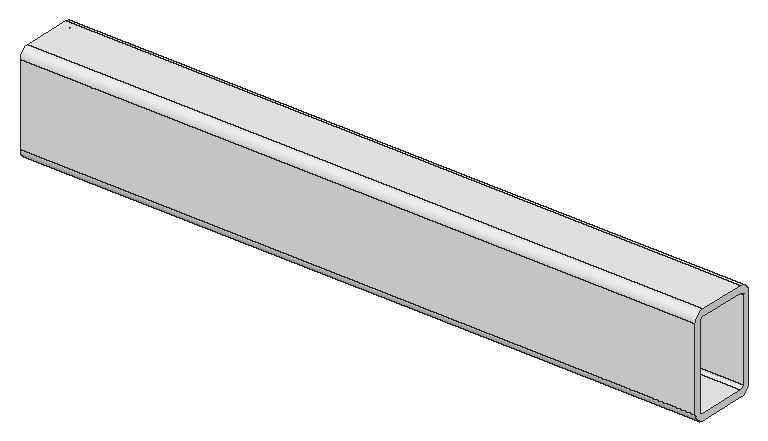
Revit family "CRV - Cortes retangulares vazados (sem emenda)", category Quadro estrutural, Revit 2019
Family settings
  Arredondamento do comprimento do framing estrutural = 1 mm
  Forma do corte = Não definido
  Material para o comportamento do modelo = Aço
  Exportar sempre como geometria = Não
  Sempre na vertical = Sim
  Corte com vazios quando carregada = Não
  Representação simbólica = Das configurações de projeto
  Compartilhado = Não
  Exibir o pré-corte da família na vista da planta = Sim
Parameters (values of type "RHS 180x120x11.1")
  ro = 16.65 mm
  t = 11.1 mm
  ri = 5.55 mm
  W = 0.04829
  Structural Material [instance] = Metal - Aço - 250 MPa
  d = 180 mm
  b = 120 mm
  Assembly Code = ""
  Length [instance] = 1500 mm
  A = 0.000615 m²
Reference planes
  plane 1 "Centro (Frente/Trás)": y = 0
  plane 2: z = 0
  plane 3 "Centro (Esquerda/Direita)": x = 4.61
  plane 4 "Membro esquerdo": x = -604.99
  plane 5 "Membro direito": x = 614.21
  plane 6 "Direita": x = 766.61
  plane 7 "Esquerda": x = -733.39
  plane 8: y = 60
  plane 9: y = -60
  plane 10: z = -90
  plane 11: z = 90
Forms (mm)
  Sweep 1, solid, material "Metal - Aço - 250 MPa" <- "Structural Material", detail levels medium
    path origin (0, 0, 0) x (1, 0, 0) y (0, 1, 0)
      loop
        line (-604.99, 0) -> (614.21, 0)
    profile "CRV - Cortes retangulares vazados - Perfil - Médio : CRV - Cortes retangulares vazados - Perfil - Médio" origin (4.61, 0, 0) x (0, 1, 0) y (0, 0, 1)
      loop
        line (-48.9, 78.9) -> (-48.9, -78.9) -> (48.9, -78.9) -> (48.9, 78.9) -> (-48.9, 78.9)
      loop
        line (-60, 90) -> (-60, -90) -> (60, -90) -> (60, 90) -> (-60, 90)
  Sweep 2, solid, material "Metal - Aço - 250 MPa" <- "Structural Material", detail levels fine
    path origin (0, 0, 0) x (1, 0, 0) y (0, 1, 0)
      loop
        line (-604.99, 0) -> (614.21, 0)
    profile "CRV - Cortes retangulares vazados - Perfil - Alto : CRV - Cortes retangulares vazados - Perfil - Alto" origin (4.61, 0, 0) x (0, 1, 0) y (0, 0, 1)
      loop
        arc (-43.35, 78.9) -> (-47.274, 77.274) -> (-48.9, 73.35) r 5.55
        line (-48.9, 73.35) -> (-48.9, -73.35)
        arc (-48.9, -73.35) -> (-47.274, -77.274) -> (-43.35, -78.9) r 5.55
        line (-43.35, -78.9) -> (43.35, -78.9)
        arc (43.35, -78.9) -> (47.274, -77.274) -> (48.9, -73.35) r 5.55
        line (48.9, -73.35) -> (48.9, 73.35)
        arc (48.9, 73.35) -> (47.274, 77.274) -> (43.35, 78.9) r 5.55
        line (43.35, 78.9) -> (-43.35, 78.9)
      loop
        arc (-43.35, 90) -> (-55.123, 85.123) -> (-60, 73.35) r 16.65
        line (-60, 73.35) -> (-60, -73.35)
        arc (-60, -73.35) -> (-55.123, -85.123) -> (-43.35, -90) r 16.65
        line (-43.35, -90) -> (43.35, -90)
        arc (43.35, -90) -> (55.123, -85.123) -> (60, -73.35) r 16.65
        line (60, -73.35) -> (60, 73.35)
        arc (60, 73.35) -> (55.123, 85.123) -> (43.35, 90) r 16.65
        line (43.35, 90) -> (-43.35, 90)
Lines and regions (mm)
  symbolic lines, style "Símbolos de vara", detail levels coarse
    curve 1: line (-733.39, -60, 90) -> (-733.39, 60, 90)
    curve 2: line (-733.39, 60, 90) -> (-733.39, 60, -90)
    curve 3: line (-733.39, -60, -90) -> (-733.39, -60, 90)
    curve 4: line (-733.39, 60, -90) -> (-733.39, -60, -90)
  symbolic lines, style "Faces ocultas", detail levels medium+fine
    curve 5: line (-604.99, 48.9, 0) -> (614.21, 48.9, 0)
    curve 6: line (-604.99, -48.9, 0) -> (614.21, -48.9, 0)
    curve 7: line (-604.99, 0, 78.9) -> (614.21, 0, 78.9)
    curve 8: line (614.21, 0, -78.9) -> (-604.99, 0, -78.9)
Dimensions and locks
  "Length": plane 7 "Esquerda" to plane 6 "Direita"
  equal spacing: plane 8, plane 1 "Centro (Frente/Trás)", plane 9
  "b": plane 8 to plane 9
  equal spacing: plane 11, plane 2, plane 10
  "d": plane 10 to plane 11
  aligned and locked: plane 1 "Centro (Frente/Trás)" to Sweep 1 sketch curve
  aligned and locked: plane 1 "Centro (Frente/Trás)" to Sweep 2 sketch curve
  aligned and locked: curve 1 to Sweep 1
  aligned and locked: curve 2 to Sweep 1
  aligned and locked: curve 3 to Sweep 1
  aligned and locked: curve 4 to Sweep 1
  aligned and locked: curve 5 to Sweep 1
  aligned and locked: curve 6 to Sweep 1
  aligned and locked: curve 7 to Sweep 1
  aligned and locked: curve 8 to Sweep 1
  aligned and locked: plane 4 "Membro esquerdo" to Sweep 1 sketch curve
  aligned and locked: plane 5 "Membro direito" to Sweep 1 sketch curve
  aligned and locked: plane 4 "Membro esquerdo" to Sweep 2 sketch curve
  aligned and locked: plane 5 "Membro direito" to Sweep 2 sketch curve
  aligned and locked: plane 4 "Membro esquerdo" to curve 5
  aligned and locked: plane 5 "Membro direito" to curve 5
  aligned and locked: plane 4 "Membro esquerdo" to curve 6
  aligned and locked: plane 5 "Membro direito" to curve 6
  aligned and locked: plane 4 "Membro esquerdo" to curve 7
  aligned and locked: plane 5 "Membro direito" to curve 7
  aligned and locked: plane 4 "Membro esquerdo" to curve 8
  aligned and locked: plane 5 "Membro direito" to curve 8
Types in the file's own list only (651): name | ro | t | ri | W | d | b | A
  RHS 60x40x3.6 | 5 mm | 4 mm | 2 mm | 0.00503 | 60 mm | 40 mm | 0.00 m²
  RHS 60x40x3.9 | 6 mm | 4 mm | 2 mm | 0.00542 | 60 mm | 40 mm | 0.00 m²
  RHS 60x40x4.4 | 7 mm | 4 mm | 2 mm | 0.00607 | 60 mm | 40 mm | 0.00 m²
  RHS 60x40x4.8 | 7 mm | 5 mm | 2 mm | 0.00657 | 60 mm | 40 mm | 0.00 m²
  RHS 60x40x5.2 | 8 mm | 5 mm | 3 mm | 0.00707 | 60 mm | 40 mm | 0.00 m²
  RHS 60x40x5.6 | 8 mm | 6 mm | 3 mm | 0.00755 | 60 mm | 40 mm | 0.00 m²
  RHS 60x40x6.4 | 10 mm | 6 mm | 3 mm | 0.00851 | 60 mm | 40 mm | 0.00 m²
  RHS 60x40x7.1 | 11 mm | 7 mm | 4 mm | 0.00931 | 60 mm | 40 mm | 0.00 m²
  RHS 60x50x3.6 | 5 mm | 4 mm | 2 mm | 0.00532 | 60 mm | 50 mm | 0.00 m²
  RHS 60x50x3.9 | 6 mm | 4 mm | 2 mm | 0.00573 | 60 mm | 50 mm | 0.00 m²
  RHS 60x50x4.4 | 7 mm | 4 mm | 2 mm | 0.00641 | 60 mm | 50 mm | 0.00 m²
  RHS 60x50x4.8 | 7 mm | 5 mm | 2 mm | 0.00695 | 60 mm | 50 mm | 0.00 m²
  RHS 60x50x5.2 | 8 mm | 5 mm | 3 mm | 0.00748 | 60 mm | 50 mm | 0.00 m²
  RHS 60x50x5.6 | 8 mm | 6 mm | 3 mm | 0.008 | 60 mm | 50 mm | 0.00 m²
  RHS 60x50x6.4 | 10 mm | 6 mm | 3 mm | 0.00901 | 60 mm | 50 mm | 0.00 m²
  RHS 60x50x7.1 | 11 mm | 7 mm | 4 mm | 0.00988 | 60 mm | 50 mm | 0.00 m²
  RHS 70x40x3.6 | 5 mm | 4 mm | 2 mm | 0.00532 | 70 mm | 40 mm | 0.00 m²
  RHS 70x40x3.9 | 6 mm | 4 mm | 2 mm | 0.00573 | 70 mm | 40 mm | 0.00 m²
  RHS 70x40x4.4 | 7 mm | 4 mm | 2 mm | 0.00641 | 70 mm | 40 mm | 0.00 m²
  RHS 70x40x4.8 | 7 mm | 5 mm | 2 mm | 0.00695 | 70 mm | 40 mm | 0.00 m²
  RHS 70x40x5.2 | 8 mm | 5 mm | 3 mm | 0.00748 | 70 mm | 40 mm | 0.00 m²
  RHS 70x40x5.6 | 8 mm | 6 mm | 3 mm | 0.008 | 70 mm | 40 mm | 0.00 m²
  RHS 70x40x6.4 | 10 mm | 6 mm | 3 mm | 0.00901 | 70 mm | 40 mm | 0.00 m²
  RHS 70x40x7.1 | 11 mm | 7 mm | 4 mm | 0.00988 | 70 mm | 40 mm | 0.00 m²
  RHS 70x50x3.6 | 5 mm | 4 mm | 2 mm | 0.00616 | 70 mm | 50 mm | 0.00 m²
  RHS 70x50x3.9 | 6 mm | 4 mm | 2 mm | 0.00665 | 70 mm | 50 mm | 0.00 m²
  RHS 70x50x4.4 | 7 mm | 4 mm | 2 mm | 0.00744 | 70 mm | 50 mm | 0.00 m²
  RHS 70x50x4.8 | 7 mm | 5 mm | 2 mm | 0.00807 | 70 mm | 50 mm | 0.00 m²
  RHS 70x50x5.2 | 8 mm | 5 mm | 3 mm | 0.00869 | 70 mm | 50 mm | 0.00 m²
  RHS 70x50x5.6 | 8 mm | 6 mm | 3 mm | 0.00931 | 70 mm | 50 mm | 0.00 m²
  RHS 70x50x6.4 | 10 mm | 6 mm | 3 mm | 0.01051 | 70 mm | 50 mm | 0.00 m²
  RHS 70x50x7.1 | 11 mm | 7 mm | 4 mm | 0.01154 | 70 mm | 50 mm | 0.00 m²
  RHS 70x60x3.6 | 5 mm | 4 mm | 2 mm | 0.00643 | 70 mm | 60 mm | 0.00 m²
  RHS 70x60x3.9 | 6 mm | 4 mm | 2 mm | 0.00693 | 70 mm | 60 mm | 0.00 m²
  RHS 70x60x4.4 | 7 mm | 4 mm | 2 mm | 0.00777 | 70 mm | 60 mm | 0.00 m²
  RHS 70x60x4.8 | 7 mm | 5 mm | 2 mm | 0.00843 | 70 mm | 60 mm | 0.00 m²
  RHS 70x60x5.2 | 8 mm | 5 mm | 3 mm | 0.00908 | 70 mm | 60 mm | 0.00 m²
  RHS 70x60x5.6 | 8 mm | 6 mm | 3 mm | 0.00972 | 70 mm | 60 mm | 0.00 m²
  RHS 70x60x6.4 | 10 mm | 6 mm | 3 mm | 0.01098 | 70 mm | 60 mm | 0.00 m²
  RHS 70x60x7.1 | 11 mm | 7 mm | 4 mm | 0.01206 | 70 mm | 60 mm | 0.00 m²
  RHS 70x60x8.2 | 12 mm | 8 mm | 4 mm | 0.01371 | 70 mm | 60 mm | 0.00 m²
  RHS 80x40x3.6 | 5 mm | 4 mm | 2 mm | 0.00616 | 80 mm | 40 mm | 0.00 m²
  RHS 80x40x3.9 | 6 mm | 4 mm | 2 mm | 0.00665 | 80 mm | 40 mm | 0.00 m²
  RHS 80x40x4.4 | 7 mm | 4 mm | 2 mm | 0.00744 | 80 mm | 40 mm | 0.00 m²
  RHS 80x40x4.8 | 7 mm | 5 mm | 2 mm | 0.00807 | 80 mm | 40 mm | 0.00 m²
  RHS 80x40x5.2 | 8 mm | 5 mm | 3 mm | 0.00869 | 80 mm | 40 mm | 0.00 m²
  RHS 80x40x5.6 | 8 mm | 6 mm | 3 mm | 0.00931 | 80 mm | 40 mm | 0.00 m²
  RHS 80x40x6.4 | 10 mm | 6 mm | 3 mm | 0.01051 | 80 mm | 40 mm | 0.00 m²
  RHS 80x40x7.1 | 11 mm | 7 mm | 4 mm | 0.01154 | 80 mm | 40 mm | 0.00 m²
  RHS 80x40x8.2 | 12 mm | 8 mm | 4 mm | 0.0131 | 80 mm | 40 mm | 0.00 m²
  RHS 80x40x8.8 | 13 mm | 9 mm | 4 mm | 0.01393 | 80 mm | 40 mm | 0.00 m²
  RHS 80x40x9.5 | 14 mm | 10 mm | 5 mm | 0.01488 | 80 mm | 40 mm | 0.00 m²
  RHS 80x50x3.6 | 5 mm | 4 mm | 2 mm | 0.00643 | 80 mm | 50 mm | 0.00 m²
  RHS 80x50x3.9 | 6 mm | 4 mm | 2 mm | 0.00693 | 80 mm | 50 mm | 0.00 m²
  RHS 80x50x4.4 | 7 mm | 4 mm | 2 mm | 0.00777 | 80 mm | 50 mm | 0.00 m²
  RHS 80x50x4.8 | 7 mm | 5 mm | 2 mm | 0.00843 | 80 mm | 50 mm | 0.00 m²
  RHS 80x50x5.2 | 8 mm | 5 mm | 3 mm | 0.00908 | 80 mm | 50 mm | 0.00 m²
  RHS 80x50x5.6 | 8 mm | 6 mm | 3 mm | 0.00972 | 80 mm | 50 mm | 0.00 m²
  RHS 80x50x6.4 | 10 mm | 6 mm | 3 mm | 0.01098 | 80 mm | 50 mm | 0.00 m²
  RHS 80x50x7.1 | 11 mm | 7 mm | 4 mm | 0.01206 | 80 mm | 50 mm | 0.00 m²
  RHS 80x50x8.2 | 12 mm | 8 mm | 4 mm | 0.01371 | 80 mm | 50 mm | 0.00 m²
  RHS 80x50x8.8 | 13 mm | 9 mm | 4 mm | 0.01458 | 80 mm | 50 mm | 0.00 m²
  RHS 80x50x9.5 | 14 mm | 10 mm | 5 mm | 0.01558 | 80 mm | 50 mm | 0.00 m²
  RHS 90x60x3.6 | 5 mm | 4 mm | 2 mm | 0.00825 | 90 mm | 60 mm | 0.00 m²
  RHS 90x60x3.9 | 6 mm | 4 mm | 2 mm | 0.00891 | 90 mm | 60 mm | 0.00 m²
  RHS 90x60x4.4 | 7 mm | 4 mm | 2 mm | 0.00999 | 90 mm | 60 mm | 0.00 m²
  RHS 90x60x4.8 | 7 mm | 5 mm | 2 mm | 0.01085 | 90 mm | 60 mm | 0.00 m²
  RHS 90x60x5.2 | 8 mm | 5 mm | 3 mm | 0.01171 | 90 mm | 60 mm | 0.00 m²
  RHS 90x60x5.6 | 8 mm | 6 mm | 3 mm | 0.01255 | 90 mm | 60 mm | 0.00 m²
  RHS 90x60x6.4 | 10 mm | 6 mm | 3 mm | 0.01422 | 90 mm | 60 mm | 0.00 m²
  RHS 90x60x7.1 | 11 mm | 7 mm | 4 mm | 0.01565 | 90 mm | 60 mm | 0.00 m²
  RHS 90x60x8.2 | 12 mm | 8 mm | 4 mm | 0.01786 | 90 mm | 60 mm | 0.00 m²
  RHS 90x60x8.8 | 13 mm | 9 mm | 4 mm | 0.01903 | 90 mm | 60 mm | 0.00 m²
  RHS 90x60x9.5 | 14 mm | 10 mm | 5 mm | 0.02038 | 90 mm | 60 mm | 0.00 m²
  RHS 102x52x3.6 | 5 mm | 4 mm | 2 mm | 0.00825 | 102 mm | 52 mm | 0.00 m²
  RHS 102x52x3.9 | 6 mm | 4 mm | 2 mm | 0.00891 | 102 mm | 52 mm | 0.00 m²
  RHS 102x52x4.4 | 7 mm | 4 mm | 2 mm | 0.00999 | 102 mm | 52 mm | 0.00 m²
  RHS 102x52x4.8 | 7 mm | 5 mm | 2 mm | 0.01085 | 102 mm | 52 mm | 0.00 m²
  RHS 102x52x5.2 | 8 mm | 5 mm | 3 mm | 0.01171 | 102 mm | 52 mm | 0.00 m²
  RHS 102x52x5.6 | 8 mm | 6 mm | 3 mm | 0.01255 | 102 mm | 52 mm | 0.00 m²
  RHS 102x52x6.4 | 10 mm | 6 mm | 3 mm | 0.01422 | 102 mm | 52 mm | 0.00 m²
  RHS 102x52x7.1 | 11 mm | 7 mm | 4 mm | 0.01565 | 102 mm | 52 mm | 0.00 m²
  RHS 102x52x8.2 | 12 mm | 8 mm | 4 mm | 0.01786 | 102 mm | 52 mm | 0.00 m²
  RHS 102x52x8.8 | 13 mm | 9 mm | 4 mm | 0.01903 | 102 mm | 52 mm | 0.00 m²
  RHS 102x52x9.5 | 14 mm | 10 mm | 5 mm | 0.02038 | 102 mm | 52 mm | 0.00 m²
  RHS 100x70x3.9 | 6 mm | 4 mm | 2 mm | 0.01001 | 100 mm | 70 mm | 0.00 m²
  RHS 100x70x4.4 | 7 mm | 4 mm | 2 mm | 0.01124 | 100 mm | 70 mm | 0.00 m²
  RHS 100x70x4.8 | 7 mm | 5 mm | 2 mm | 0.01222 | 100 mm | 70 mm | 0.00 m²
  RHS 100x70x5.2 | 8 mm | 5 mm | 3 mm | 0.01318 | 100 mm | 70 mm | 0.00 m²
  RHS 100x70x5.6 | 8 mm | 6 mm | 3 mm | 0.01414 | 100 mm | 70 mm | 0.00 m²
  RHS 100x70x6.4 | 10 mm | 6 mm | 3 mm | 0.01604 | 100 mm | 70 mm | 0.00 m²
  RHS 100x70x7.1 | 11 mm | 7 mm | 4 mm | 0.01767 | 100 mm | 70 mm | 0.00 m²
  RHS 100x70x8.2 | 12 mm | 8 mm | 4 mm | 0.02018 | 100 mm | 70 mm | 0.00 m²
  RHS 100x70x8.8 | 13 mm | 9 mm | 4 mm | 0.02153 | 100 mm | 70 mm | 0.00 m²
  RHS 100x70x9.5 | 14 mm | 10 mm | 5 mm | 0.02308 | 100 mm | 70 mm | 0.00 m²
  RHS 100x80x3.9 | 6 mm | 4 mm | 2 mm | 0.01001 | 100 mm | 80 mm | 0.00 m²
  RHS 100x80x4.4 | 7 mm | 4 mm | 2 mm | 0.01124 | 100 mm | 80 mm | 0.00 m²
  RHS 100x80x4.8 | 7 mm | 5 mm | 2 mm | 0.01222 | 100 mm | 80 mm | 0.00 m²
  RHS 100x80x5.2 | 8 mm | 5 mm | 3 mm | 0.01318 | 100 mm | 80 mm | 0.00 m²
  RHS 100x80x5.6 | 8 mm | 6 mm | 3 mm | 0.01414 | 100 mm | 80 mm | 0.00 m²
  RHS 100x80x6.4 | 10 mm | 6 mm | 3 mm | 0.01604 | 100 mm | 80 mm | 0.00 m²
  RHS 100x80x7.1 | 11 mm | 7 mm | 4 mm | 0.01767 | 100 mm | 80 mm | 0.00 m²
  RHS 100x80x8.2 | 12 mm | 8 mm | 4 mm | 0.02018 | 100 mm | 80 mm | 0.00 m²
  RHS 100x80x8.8 | 13 mm | 9 mm | 4 mm | 0.02153 | 100 mm | 80 mm | 0.00 m²
  RHS 100x80x9.5 | 14 mm | 10 mm | 5 mm | 0.02308 | 100 mm | 80 mm | 0.00 m²
  RHS 100x80x10.3 | 15 mm | 10 mm | 5 mm | 0.02482 | 100 mm | 80 mm | 0.00 m²
  RHS 100x80x11.1 | 17 mm | 11 mm | 6 mm | 0.02653 | 100 mm | 80 mm | 0.00 m²
  RHS 110x60x3.9 | 6 mm | 4 mm | 2 mm | 0.0094 | 110 mm | 60 mm | 0.00 m²
  RHS 110x60x4.4 | 7 mm | 4 mm | 2 mm | 0.01055 | 110 mm | 60 mm | 0.00 m²
  RHS 110x60x4.8 | 7 mm | 5 mm | 2 mm | 0.01146 | 110 mm | 60 mm | 0.00 m²
  RHS 110x60x5.2 | 8 mm | 5 mm | 3 mm | 0.01236 | 110 mm | 60 mm | 0.00 m²
  RHS 110x60x5.6 | 8 mm | 6 mm | 3 mm | 0.01326 | 110 mm | 60 mm | 0.00 m²
  RHS 110x60x6.4 | 10 mm | 6 mm | 3 mm | 0.01503 | 110 mm | 60 mm | 0.00 m²
  RHS 110x60x7.1 | 11 mm | 7 mm | 4 mm | 0.01655 | 110 mm | 60 mm | 0.00 m²
  RHS 110x60x8.2 | 12 mm | 8 mm | 4 mm | 0.01889 | 110 mm | 60 mm | 0.00 m²
  RHS 110x60x8.8 | 13 mm | 9 mm | 4 mm | 0.02014 | 110 mm | 60 mm | 0.00 m²
  RHS 110x60x9.5 | 14 mm | 10 mm | 5 mm | 0.02158 | 110 mm | 60 mm | 0.00 m²
  RHS 110x60x10.3 | 15 mm | 10 mm | 5 mm | 0.02319 | 110 mm | 60 mm | 0.00 m²
  RHS 110x60x11.1 | 17 mm | 11 mm | 6 mm | 0.02477 | 110 mm | 60 mm | 0.00 m²
  RHS 110x70x3.9 | 6 mm | 4 mm | 2 mm | 0.01001 | 110 mm | 70 mm | 0.00 m²
  RHS 110x70x4.4 | 7 mm | 4 mm | 2 mm | 0.01124 | 110 mm | 70 mm | 0.00 m²
  RHS 110x70x4.8 | 7 mm | 5 mm | 2 mm | 0.01222 | 110 mm | 70 mm | 0.00 m²
  RHS 110x70x5.2 | 8 mm | 5 mm | 3 mm | 0.01318 | 110 mm | 70 mm | 0.00 m²
  RHS 110x70x5.6 | 8 mm | 6 mm | 3 mm | 0.01414 | 110 mm | 70 mm | 0.00 m²
  RHS 110x70x6.4 | 10 mm | 6 mm | 3 mm | 0.01604 | 110 mm | 70 mm | 0.00 m²
  RHS 110x70x7.1 | 11 mm | 7 mm | 4 mm | 0.01767 | 110 mm | 70 mm | 0.00 m²
  RHS 110x70x8.2 | 12 mm | 8 mm | 4 mm | 0.02018 | 110 mm | 70 mm | 0.00 m²
  RHS 110x70x8.8 | 13 mm | 9 mm | 4 mm | 0.02153 | 110 mm | 70 mm | 0.00 m²
  RHS 110x70x9.5 | 14 mm | 10 mm | 5 mm | 0.02308 | 110 mm | 70 mm | 0.00 m²
  RHS 110x70x10.3 | 15 mm | 10 mm | 5 mm | 0.02482 | 110 mm | 70 mm | 0.00 m²
  RHS 110x70x11.1 | 17 mm | 11 mm | 6 mm | 0.02653 | 110 mm | 70 mm | 0.00 m²
  RHS 110x80x4.4 | 7 mm | 4 mm | 2 mm | 0.01193 | 110 mm | 80 mm | 0.00 m²
  RHS 110x80x4.8 | 7 mm | 5 mm | 2 mm | 0.01296 | 110 mm | 80 mm | 0.00 m²
  RHS 110x80x5.2 | 8 mm | 5 mm | 3 mm | 0.01399 | 110 mm | 80 mm | 0.00 m²
  RHS 110x80x5.6 | 8 mm | 6 mm | 3 mm | 0.01501 | 110 mm | 80 mm | 0.00 m²
  RHS 110x80x6.4 | 10 mm | 6 mm | 3 mm | 0.01703 | 110 mm | 80 mm | 0.00 m²
  RHS 110x80x7.1 | 11 mm | 7 mm | 4 mm | 0.01877 | 110 mm | 80 mm | 0.00 m²
  RHS 110x80x8.2 | 12 mm | 8 mm | 4 mm | 0.02146 | 110 mm | 80 mm | 0.00 m²
  RHS 110x80x8.8 | 13 mm | 9 mm | 4 mm | 0.0229 | 110 mm | 80 mm | 0.00 m²
  RHS 110x80x9.5 | 14 mm | 10 mm | 5 mm | 0.02455 | 110 mm | 80 mm | 0.00 m²
  RHS 110x80x10.3 | 15 mm | 10 mm | 5 mm | 0.02642 | 110 mm | 80 mm | 0.00 m²
  RHS 110x80x11.1 | 17 mm | 11 mm | 6 mm | 0.02825 | 110 mm | 80 mm | 0.00 m²
  RHS 120x60x3.9 | 6 mm | 4 mm | 2 mm | 0.01001 | 120 mm | 60 mm | 0.00 m²
  RHS 120x60x4.4 | 7 mm | 4 mm | 2 mm | 0.01124 | 120 mm | 60 mm | 0.00 m²
  RHS 120x60x4.8 | 7 mm | 5 mm | 2 mm | 0.01222 | 120 mm | 60 mm | 0.00 m²
  RHS 120x60x5.2 | 8 mm | 5 mm | 3 mm | 0.01318 | 120 mm | 60 mm | 0.00 m²
  RHS 120x60x5.6 | 8 mm | 6 mm | 3 mm | 0.01414 | 120 mm | 60 mm | 0.00 m²
  RHS 120x60x6.4 | 10 mm | 6 mm | 3 mm | 0.01604 | 120 mm | 60 mm | 0.00 m²
  RHS 120x60x7.1 | 11 mm | 7 mm | 4 mm | 0.01767 | 120 mm | 60 mm | 0.00 m²
  RHS 120x60x8.2 | 12 mm | 8 mm | 4 mm | 0.02018 | 120 mm | 60 mm | 0.00 m²
  RHS 120x60x8.8 | 13 mm | 9 mm | 4 mm | 0.02153 | 120 mm | 60 mm | 0.00 m²
  RHS 120x60x9.5 | 14 mm | 10 mm | 5 mm | 0.02308 | 120 mm | 60 mm | 0.00 m²
  RHS 120x60x10.3 | 15 mm | 10 mm | 5 mm | 0.02482 | 120 mm | 60 mm | 0.00 m²
  RHS 120x60x11.1 | 17 mm | 11 mm | 6 mm | 0.02653 | 120 mm | 60 mm | 0.00 m²
  RHS 120x80x4.4 | 7 mm | 4 mm | 2 mm | 0.01265 | 120 mm | 80 mm | 0.00 m²
  RHS 120x80x4.8 | 7 mm | 5 mm | 2 mm | 0.01375 | 120 mm | 80 mm | 0.00 m²
  RHS 120x80x5.2 | 8 mm | 5 mm | 3 mm | 0.01485 | 120 mm | 80 mm | 0.00 m²
  RHS 120x80x5.6 | 8 mm | 6 mm | 3 mm | 0.01594 | 120 mm | 80 mm | 0.00 m²
  RHS 120x80x6.4 | 10 mm | 6 mm | 3 mm | 0.01809 | 120 mm | 80 mm | 0.00 m²
  RHS 120x80x7.1 | 11 mm | 7 mm | 4 mm | 0.01994 | 120 mm | 80 mm | 0.00 m²
  RHS 120x80x8.2 | 12 mm | 8 mm | 4 mm | 0.02281 | 120 mm | 80 mm | 0.00 m²
  RHS 120x80x8.8 | 13 mm | 9 mm | 4 mm | 0.02435 | 120 mm | 80 mm | 0.00 m²
  RHS 120x80x9.5 | 14 mm | 10 mm | 5 mm | 0.02612 | 120 mm | 80 mm | 0.00 m²
  RHS 120x80x10.3 | 15 mm | 10 mm | 5 mm | 0.02812 | 120 mm | 80 mm | 0.00 m²
  RHS 120x80x11.1 | 17 mm | 11 mm | 6 mm | 0.03008 | 120 mm | 80 mm | 0.00 m²
  RHS 120x80x12.7 | 19 mm | 13 mm | 6 mm | 0.03392 | 120 mm | 80 mm | 0.00 m²
  RHS 120x100x4.4 | 7 mm | 4 mm | 2 mm | 0.01395 | 120 mm | 100 mm | 0.00 m²
  RHS 120x100x4.8 | 7 mm | 5 mm | 2 mm | 0.01518 | 120 mm | 100 mm | 0.00 m²
  RHS 120x100x5.2 | 8 mm | 5 mm | 3 mm | 0.01639 | 120 mm | 100 mm | 0.00 m²
  RHS 120x100x5.6 | 8 mm | 6 mm | 3 mm | 0.01759 | 120 mm | 100 mm | 0.00 m²
  RHS 120x100x6.4 | 10 mm | 6 mm | 3 mm | 0.01998 | 120 mm | 100 mm | 0.00 m²
  RHS 120x100x7.1 | 11 mm | 7 mm | 4 mm | 0.02204 | 120 mm | 100 mm | 0.00 m²
  RHS 120x100x8.2 | 12 mm | 8 mm | 4 mm | 0.02524 | 120 mm | 100 mm | 0.00 m²
  RHS 120x100x8.8 | 13 mm | 9 mm | 4 mm | 0.02695 | 120 mm | 100 mm | 0.00 m²
  RHS 120x100x9.5 | 14 mm | 10 mm | 5 mm | 0.02893 | 120 mm | 100 mm | 0.00 m²
  RHS 120x100x10.3 | 15 mm | 10 mm | 5 mm | 0.03117 | 120 mm | 100 mm | 0.00 m²
  RHS 120x100x11.1 | 17 mm | 11 mm | 6 mm | 0.03337 | 120 mm | 100 mm | 0.00 m²
  RHS 120x100x12.7 | 19 mm | 13 mm | 6 mm | 0.03768 | 120 mm | 100 mm | 0.00 m²
  RHS 130x70x4.4 | 7 mm | 4 mm | 2 mm | 0.01265 | 130 mm | 70 mm | 0.00 m²
  RHS 130x70x4.8 | 7 mm | 5 mm | 2 mm | 0.01375 | 130 mm | 70 mm | 0.00 m²
  RHS 130x70x5.2 | 8 mm | 5 mm | 3 mm | 0.01485 | 130 mm | 70 mm | 0.00 m²
  RHS 130x70x5.6 | 8 mm | 6 mm | 3 mm | 0.01594 | 130 mm | 70 mm | 0.00 m²
  RHS 130x70x6.4 | 10 mm | 6 mm | 3 mm | 0.01809 | 130 mm | 70 mm | 0.00 m²
  RHS 130x70x7.1 | 11 mm | 7 mm | 4 mm | 0.01994 | 130 mm | 70 mm | 0.00 m²
  RHS 130x70x8.2 | 12 mm | 8 mm | 4 mm | 0.02281 | 130 mm | 70 mm | 0.00 m²
  RHS 130x70x8.8 | 13 mm | 9 mm | 4 mm | 0.02435 | 130 mm | 70 mm | 0.00 m²
  RHS 130x70x9.5 | 14 mm | 10 mm | 5 mm | 0.02612 | 130 mm | 70 mm | 0.00 m²
  RHS 130x70x10.3 | 15 mm | 10 mm | 5 mm | 0.02812 | 130 mm | 70 mm | 0.00 m²
  RHS 130x70x11.1 | 17 mm | 11 mm | 6 mm | 0.03008 | 130 mm | 70 mm | 0.00 m²
  RHS 130x70x12.7 | 19 mm | 13 mm | 6 mm | 0.03392 | 130 mm | 70 mm | 0.00 m²
  RHS 130x80x4.8 | 7 mm | 5 mm | 2 mm | 0.01447 | 130 mm | 80 mm | 0.00 m²
  RHS 130x80x5.2 | 8 mm | 5 mm | 3 mm | 0.01562 | 130 mm | 80 mm | 0.00 m²
  RHS 130x80x5.6 | 8 mm | 6 mm | 3 mm | 0.01677 | 130 mm | 80 mm | 0.00 m²
  RHS 130x80x6.4 | 10 mm | 6 mm | 3 mm | 0.01903 | 130 mm | 80 mm | 0.00 m²
  RHS 130x80x7.1 | 11 mm | 7 mm | 4 mm | 0.02099 | 130 mm | 80 mm | 0.00 m²
  RHS 130x80x8.2 | 12 mm | 8 mm | 4 mm | 0.02402 | 130 mm | 80 mm | 0.00 m²
  RHS 130x80x8.8 | 13 mm | 9 mm | 4 mm | 0.02565 | 130 mm | 80 mm | 0.00 m²
  RHS 130x80x9.5 | 14 mm | 10 mm | 5 mm | 0.02753 | 130 mm | 80 mm | 0.00 m²
  RHS 130x80x10.3 | 15 mm | 10 mm | 5 mm | 0.02964 | 130 mm | 80 mm | 0.00 m²
  RHS 130x80x11.1 | 17 mm | 11 mm | 6 mm | 0.03173 | 130 mm | 80 mm | 0.00 m²
  RHS 130x80x12.7 | 19 mm | 13 mm | 6 mm | 0.0358 | 130 mm | 80 mm | 0.00 m²
  RHS 130x100x4.8 | 7 mm | 5 mm | 2 mm | 0.01616 | 130 mm | 100 mm | 0.00 m²
  RHS 130x100x5.2 | 8 mm | 5 mm | 3 mm | 0.01745 | 130 mm | 100 mm | 0.00 m²
  RHS 130x100x5.6 | 8 mm | 6 mm | 3 mm | 0.01874 | 130 mm | 100 mm | 0.00 m²
  RHS 130x100x6.4 | 10 mm | 6 mm | 3 mm | 0.02129 | 130 mm | 100 mm | 0.00 m²
  RHS 130x100x7.1 | 11 mm | 7 mm | 4 mm | 0.0235 | 130 mm | 100 mm | 0.00 m²
  RHS 130x100x8.2 | 12 mm | 8 mm | 4 mm | 0.02692 | 130 mm | 100 mm | 0.00 m²
  RHS 130x100x8.8 | 13 mm | 9 mm | 4 mm | 0.02875 | 130 mm | 100 mm | 0.00 m²
  RHS 130x100x9.5 | 14 mm | 10 mm | 5 mm | 0.03088 | 130 mm | 100 mm | 0.00 m²
  RHS 130x100x10.3 | 15 mm | 10 mm | 5 mm | 0.03327 | 130 mm | 100 mm | 0.00 m²
  RHS 130x100x11.1 | 17 mm | 11 mm | 6 mm | 0.03564 | 130 mm | 100 mm | 0.00 m²
  RHS 130x100x12.7 | 19 mm | 13 mm | 6 mm | 0.04028 | 130 mm | 100 mm | 0.00 m²
  RHS 140x80x4.8 | 7 mm | 5 mm | 2 mm | 0.01518 | 140 mm | 80 mm | 0.00 m²
  RHS 140x80x5.2 | 8 mm | 5 mm | 3 mm | 0.01639 | 140 mm | 80 mm | 0.00 m²
  RHS 140x80x5.6 | 8 mm | 6 mm | 3 mm | 0.01759 | 140 mm | 80 mm | 0.00 m²
  RHS 140x80x6.4 | 10 mm | 6 mm | 3 mm | 0.01998 | 140 mm | 80 mm | 0.00 m²
  RHS 140x80x7.1 | 11 mm | 7 mm | 4 mm | 0.02204 | 140 mm | 80 mm | 0.00 m²
  RHS 140x80x8.2 | 12 mm | 8 mm | 4 mm | 0.02524 | 140 mm | 80 mm | 0.00 m²
  RHS 140x80x8.8 | 13 mm | 9 mm | 4 mm | 0.02695 | 140 mm | 80 mm | 0.00 m²
  RHS 140x80x9.5 | 14 mm | 10 mm | 5 mm | 0.02893 | 140 mm | 80 mm | 0.00 m²
  RHS 140x80x10.3 | 15 mm | 10 mm | 5 mm | 0.03117 | 140 mm | 80 mm | 0.00 m²
  RHS 140x80x11.1 | 17 mm | 11 mm | 6 mm | 0.03337 | 140 mm | 80 mm | 0.00 m²
  RHS 140x80x12.7 | 19 mm | 13 mm | 6 mm | 0.03768 | 140 mm | 80 mm | 0.00 m²
  RHS 140x90x4.8 | 7 mm | 5 mm | 2 mm | 0.01616 | 140 mm | 90 mm | 0.00 m²
  RHS 140x90x5.2 | 8 mm | 5 mm | 3 mm | 0.01745 | 140 mm | 90 mm | 0.00 m²
  RHS 140x90x5.6 | 8 mm | 6 mm | 3 mm | 0.01874 | 140 mm | 90 mm | 0.00 m²
  RHS 140x90x6.4 | 10 mm | 6 mm | 3 mm | 0.02129 | 140 mm | 90 mm | 0.00 m²
  RHS 140x90x7.1 | 11 mm | 7 mm | 4 mm | 0.0235 | 140 mm | 90 mm | 0.00 m²
  RHS 140x90x8.2 | 12 mm | 8 mm | 4 mm | 0.02692 | 140 mm | 90 mm | 0.00 m²
  RHS 140x90x8.8 | 13 mm | 9 mm | 4 mm | 0.02875 | 140 mm | 90 mm | 0.00 m²
  RHS 140x90x9.5 | 14 mm | 10 mm | 5 mm | 0.03088 | 140 mm | 90 mm | 0.00 m²
  RHS 140x90x10.3 | 15 mm | 10 mm | 5 mm | 0.03327 | 140 mm | 90 mm | 0.00 m²
  RHS 140x90x11.1 | 17 mm | 11 mm | 6 mm | 0.03564 | 140 mm | 90 mm | 0.00 m²
  RHS 140x90x12.7 | 19 mm | 13 mm | 6 mm | 0.04028 | 140 mm | 90 mm | 0.00 m²
  RHS 140x110x4.8 | 7 mm | 5 mm | 2 mm | 0.01754 | 140 mm | 110 mm | 0.00 m²
  RHS 140x110x5.2 | 8 mm | 5 mm | 3 mm | 0.01895 | 140 mm | 110 mm | 0.00 m²
  RHS 140x110x5.6 | 8 mm | 6 mm | 3 mm | 0.02036 | 140 mm | 110 mm | 0.00 m²
  RHS 140x110x6.4 | 10 mm | 6 mm | 3 mm | 0.02314 | 140 mm | 110 mm | 0.00 m²
  RHS 140x110x7.1 | 11 mm | 7 mm | 4 mm | 0.02555 | 140 mm | 110 mm | 0.00 m²
  RHS 140x110x8.2 | 12 mm | 8 mm | 4 mm | 0.02928 | 140 mm | 110 mm | 0.00 m²
  RHS 140x110x8.8 | 13 mm | 9 mm | 4 mm | 0.03129 | 140 mm | 110 mm | 0.00 m²
  RHS 140x110x9.5 | 14 mm | 10 mm | 5 mm | 0.03362 | 140 mm | 110 mm | 0.00 m²
  RHS 140x110x10.3 | 15 mm | 10 mm | 5 mm | 0.03625 | 140 mm | 110 mm | 0.00 m²
  RHS 140x110x11.1 | 17 mm | 11 mm | 6 mm | 0.03884 | 140 mm | 110 mm | 0.00 m²
  RHS 140x110x12.7 | 19 mm | 13 mm | 6 mm | 0.04394 | 140 mm | 110 mm | 0.00 m²
  RHS 150x80x4.8 | 7 mm | 5 mm | 2 mm | 0.01671 | 150 mm | 80 mm | 0.00 m²
  RHS 150x80x5.2 | 8 mm | 5 mm | 3 mm | 0.01806 | 150 mm | 80 mm | 0.00 m²
  RHS 150x80x5.6 | 8 mm | 6 mm | 3 mm | 0.01939 | 150 mm | 80 mm | 0.00 m²
  RHS 150x80x6.4 | 10 mm | 6 mm | 3 mm | 0.02203 | 150 mm | 80 mm | 0.00 m²
  RHS 150x80x7.1 | 11 mm | 7 mm | 4 mm | 0.02432 | 150 mm | 80 mm | 0.00 m²
  RHS 150x80x8.2 | 12 mm | 8 mm | 4 mm | 0.02787 | 150 mm | 80 mm | 0.00 m²
  RHS 150x80x8.8 | 13 mm | 9 mm | 4 mm | 0.02977 | 150 mm | 80 mm | 0.00 m²
  RHS 150x80x9.5 | 14 mm | 10 mm | 5 mm | 0.03198 | 150 mm | 80 mm | 0.00 m²
  RHS 150x80x10.3 | 15 mm | 10 mm | 5 mm | 0.03447 | 150 mm | 80 mm | 0.00 m²
  RHS 150x80x11.1 | 17 mm | 11 mm | 6 mm | 0.03693 | 150 mm | 80 mm | 0.00 m²
  RHS 150x80x12.7 | 19 mm | 13 mm | 6 mm | 0.04175 | 150 mm | 80 mm | 0.00 m²
  RHS 150x100x4.8 | 7 mm | 5 mm | 2 mm | 0.01754 | 150 mm | 100 mm | 0.00 m²
  RHS 150x100x5.2 | 8 mm | 5 mm | 3 mm | 0.01895 | 150 mm | 100 mm | 0.00 m²
  RHS 150x100x5.6 | 8 mm | 6 mm | 3 mm | 0.02036 | 150 mm | 100 mm | 0.00 m²
  RHS 150x100x6.4 | 10 mm | 6 mm | 3 mm | 0.02314 | 150 mm | 100 mm | 0.00 m²
  RHS 150x100x7.1 | 11 mm | 7 mm | 4 mm | 0.02555 | 150 mm | 100 mm | 0.00 m²
  RHS 150x100x8.2 | 12 mm | 8 mm | 4 mm | 0.02928 | 150 mm | 100 mm | 0.00 m²
  RHS 150x100x8.8 | 13 mm | 9 mm | 4 mm | 0.03129 | 150 mm | 100 mm | 0.00 m²
  RHS 150x100x9.5 | 14 mm | 10 mm | 5 mm | 0.03362 | 150 mm | 100 mm | 0.00 m²
  RHS 150x100x10.3 | 15 mm | 10 mm | 5 mm | 0.03625 | 150 mm | 100 mm | 0.00 m²
  RHS 150x100x11.1 | 17 mm | 11 mm | 6 mm | 0.03884 | 150 mm | 100 mm | 0.00 m²
  RHS 150x100x12.7 | 19 mm | 13 mm | 6 mm | 0.04394 | 150 mm | 100 mm | 0.00 m²
  RHS 150x120x5.2 | 8 mm | 5 mm | 3 mm | 0.02092 | 150 mm | 120 mm | 0.00 m²
  RHS 150x120x5.6 | 8 mm | 6 mm | 3 mm | 0.02247 | 150 mm | 120 mm | 0.00 m²
  RHS 150x120x6.4 | 10 mm | 6 mm | 3 mm | 0.02555 | 150 mm | 120 mm | 0.00 m²
  RHS 150x120x7.1 | 11 mm | 7 mm | 4 mm | 0.02822 | 150 mm | 120 mm | 0.00 m²
  RHS 150x120x8.2 | 12 mm | 8 mm | 4 mm | 0.03238 | 150 mm | 120 mm | 0.00 m²
  RHS 150x120x8.8 | 13 mm | 9 mm | 4 mm | 0.03461 | 150 mm | 120 mm | 0.00 m²
  RHS 150x120x9.5 | 14 mm | 10 mm | 5 mm | 0.0372 | 150 mm | 120 mm | 0.00 m²
  RHS 150x120x10.3 | 15 mm | 10 mm | 5 mm | 0.04013 | 150 mm | 120 mm | 0.00 m²
  RHS 150x120x11.1 | 17 mm | 11 mm | 6 mm | 0.04303 | 150 mm | 120 mm | 0.00 m²
  RHS 150x120x12.7 | 19 mm | 13 mm | 6 mm | 0.04873 | 150 mm | 120 mm | 0.00 m²
  RHS 160x90x4.8 | 7 mm | 5 mm | 2 mm | 0.01754 | 160 mm | 90 mm | 0.00 m²
  RHS 160x90x5.2 | 8 mm | 5 mm | 3 mm | 0.01895 | 160 mm | 90 mm | 0.00 m²
  RHS 160x90x5.6 | 8 mm | 6 mm | 3 mm | 0.02036 | 160 mm | 90 mm | 0.00 m²
  RHS 160x90x6.4 | 10 mm | 6 mm | 3 mm | 0.02314 | 160 mm | 90 mm | 0.00 m²
  RHS 160x90x7.1 | 11 mm | 7 mm | 4 mm | 0.02555 | 160 mm | 90 mm | 0.00 m²
  RHS 160x90x8.2 | 12 mm | 8 mm | 4 mm | 0.02928 | 160 mm | 90 mm | 0.00 m²
  RHS 160x90x8.8 | 13 mm | 9 mm | 4 mm | 0.03129 | 160 mm | 90 mm | 0.00 m²
  RHS 160x90x9.5 | 14 mm | 10 mm | 5 mm | 0.03362 | 160 mm | 90 mm | 0.00 m²
  RHS 160x90x10.3 | 15 mm | 10 mm | 5 mm | 0.03625 | 160 mm | 90 mm | 0.00 m²
  RHS 160x90x11.1 | 17 mm | 11 mm | 6 mm | 0.03884 | 160 mm | 90 mm | 0.00 m²
  RHS 160x90x12.7 | 19 mm | 13 mm | 6 mm | 0.04394 | 160 mm | 90 mm | 0.00 m²
  RHS 160x110x5.2 | 8 mm | 5 mm | 3 mm | 0.02092 | 160 mm | 110 mm | 0.00 m²
  RHS 160x110x5.6 | 8 mm | 6 mm | 3 mm | 0.02247 | 160 mm | 110 mm | 0.00 m²
  RHS 160x110x6.4 | 10 mm | 6 mm | 3 mm | 0.02555 | 160 mm | 110 mm | 0.00 m²
  RHS 160x110x7.1 | 11 mm | 7 mm | 4 mm | 0.02822 | 160 mm | 110 mm | 0.00 m²
  RHS 160x110x8.2 | 12 mm | 8 mm | 4 mm | 0.03238 | 160 mm | 110 mm | 0.00 m²
  RHS 160x110x8.8 | 13 mm | 9 mm | 4 mm | 0.03461 | 160 mm | 110 mm | 0.00 m²
  RHS 160x110x9.5 | 14 mm | 10 mm | 5 mm | 0.0372 | 160 mm | 110 mm | 0.00 m²
  RHS 160x110x10.3 | 15 mm | 10 mm | 5 mm | 0.04013 | 160 mm | 110 mm | 0.00 m²
  RHS 160x110x11.1 | 17 mm | 11 mm | 6 mm | 0.04303 | 160 mm | 110 mm | 0.00 m²
  RHS 160x110x12.7 | 19 mm | 13 mm | 6 mm | 0.04873 | 160 mm | 110 mm | 0.00 m²
  RHS 160x130x5.6 | 8 mm | 6 mm | 3 mm | 0.02378 | 160 mm | 130 mm | 0.00 m²
  RHS 160x130x6.4 | 10 mm | 6 mm | 3 mm | 0.02705 | 160 mm | 130 mm | 0.00 m²
  RHS 160x130x7.1 | 11 mm | 7 mm | 4 mm | 0.02989 | 160 mm | 130 mm | 0.00 m²
  RHS 160x130x8.2 | 12 mm | 8 mm | 4 mm | 0.0343 | 160 mm | 130 mm | 0.00 m²
  RHS 160x130x8.8 | 13 mm | 9 mm | 4 mm | 0.03668 | 160 mm | 130 mm | 0.00 m²
  RHS 160x130x9.5 | 14 mm | 10 mm | 5 mm | 0.03943 | 160 mm | 130 mm | 0.00 m²
  RHS 160x130x10.3 | 15 mm | 10 mm | 5 mm | 0.04255 | 160 mm | 130 mm | 0.00 m²
  RHS 160x130x11.1 | 17 mm | 11 mm | 6 mm | 0.04563 | 160 mm | 130 mm | 0.00 m²
  RHS 160x130x12.7 | 19 mm | 13 mm | 6 mm | 0.05171 | 160 mm | 130 mm | 0.00 m²
  RHS 170x100x5.2 | 8 mm | 5 mm | 3 mm | 0.02092 | 170 mm | 100 mm | 0.00 m²
  RHS 170x100x5.6 | 8 mm | 6 mm | 3 mm | 0.02247 | 170 mm | 100 mm | 0.00 m²
  RHS 170x100x6.4 | 10 mm | 6 mm | 3 mm | 0.02555 | 170 mm | 100 mm | 0.00 m²
  RHS 170x100x7.1 | 11 mm | 7 mm | 4 mm | 0.02822 | 170 mm | 100 mm | 0.00 m²
  RHS 170x100x8.2 | 12 mm | 8 mm | 4 mm | 0.03238 | 170 mm | 100 mm | 0.00 m²
  RHS 170x100x8.8 | 13 mm | 9 mm | 4 mm | 0.03461 | 170 mm | 100 mm | 0.00 m²
  RHS 170x100x9.5 | 14 mm | 10 mm | 5 mm | 0.0372 | 170 mm | 100 mm | 0.00 m²
  RHS 170x100x10.3 | 15 mm | 10 mm | 5 mm | 0.04013 | 170 mm | 100 mm | 0.00 m²
  RHS 170x100x11.1 | 17 mm | 11 mm | 6 mm | 0.04303 | 170 mm | 100 mm | 0.00 m²
  RHS 170x100x12.7 | 19 mm | 13 mm | 6 mm | 0.04873 | 170 mm | 100 mm | 0.00 m²
  RHS 170x120x5.6 | 8 mm | 6 mm | 3 mm | 0.02378 | 170 mm | 120 mm | 0.00 m²
  RHS 170x120x6.4 | 10 mm | 6 mm | 3 mm | 0.02705 | 170 mm | 120 mm | 0.00 m²
  RHS 170x120x7.1 | 11 mm | 7 mm | 4 mm | 0.02989 | 170 mm | 120 mm | 0.00 m²
  RHS 170x120x8.2 | 12 mm | 8 mm | 4 mm | 0.0343 | 170 mm | 120 mm | 0.00 m²
  RHS 170x120x8.8 | 13 mm | 9 mm | 4 mm | 0.03668 | 170 mm | 120 mm | 0.00 m²
  RHS 170x120x9.5 | 14 mm | 10 mm | 5 mm | 0.03943 | 170 mm | 120 mm | 0.00 m²
  RHS 170x120x10.3 | 15 mm | 10 mm | 5 mm | 0.04255 | 170 mm | 120 mm | 0.00 m²
  RHS 170x120x11.1 | 17 mm | 11 mm | 6 mm | 0.04563 | 170 mm | 120 mm | 0.00 m²
  RHS 170x120x12.7 | 19 mm | 13 mm | 6 mm | 0.05171 | 170 mm | 120 mm | 0.00 m²
  RHS 170x130x6.4 | 10 mm | 6 mm | 3 mm | 0.02858 | 170 mm | 130 mm | 0.00 m²
  RHS 170x130x7.1 | 11 mm | 7 mm | 4 mm | 0.03159 | 170 mm | 130 mm | 0.00 m²
  RHS 170x130x8.2 | 12 mm | 8 mm | 4 mm | 0.03626 | 170 mm | 130 mm | 0.00 m²
  RHS 170x130x8.8 | 13 mm | 9 mm | 4 mm | 0.03878 | 170 mm | 130 mm | 0.00 m²
  RHS 170x130x9.5 | 14 mm | 10 mm | 5 mm | 0.0417 | 170 mm | 130 mm | 0.00 m²
  RHS 170x130x10.3 | 15 mm | 10 mm | 5 mm | 0.04501 | 170 mm | 130 mm | 0.00 m²
  RHS 170x130x11.1 | 17 mm | 11 mm | 6 mm | 0.04829 | 170 mm | 130 mm | 0.00 m²
  RHS 170x130x12.7 | 19 mm | 13 mm | 6 mm | 0.05475 | 170 mm | 130 mm | 0.00 m²
  RHS 180x110x6.4 | 10 mm | 6 mm | 3 mm | 0.02705 | 180 mm | 110 mm | 0.00 m²
  RHS 180x110x7.1 | 11 mm | 7 mm | 4 mm | 0.02989 | 180 mm | 110 mm | 0.00 m²
  RHS 180x110x8.2 | 12 mm | 8 mm | 4 mm | 0.0343 | 180 mm | 110 mm | 0.00 m²
  RHS 180x110x8.8 | 13 mm | 9 mm | 4 mm | 0.03668 | 180 mm | 110 mm | 0.00 m²
  RHS 180x110x9.5 | 14 mm | 10 mm | 5 mm | 0.03943 | 180 mm | 110 mm | 0.00 m²
  RHS 180x110x10.3 | 15 mm | 10 mm | 5 mm | 0.04255 | 180 mm | 110 mm | 0.00 m²
  RHS 180x110x11.1 | 17 mm | 11 mm | 6 mm | 0.04563 | 180 mm | 110 mm | 0.00 m²
  RHS 180x110x12.7 | 19 mm | 13 mm | 6 mm | 0.05171 | 180 mm | 110 mm | 0.00 m²
  RHS 180x120x6.4 | 10 mm | 6 mm | 3 mm | 0.02858 | 180 mm | 120 mm | 0.00 m²
  RHS 180x120x7.1 | 11 mm | 7 mm | 4 mm | 0.03159 | 180 mm | 120 mm | 0.00 m²
  RHS 180x120x8.2 | 12 mm | 8 mm | 4 mm | 0.03626 | 180 mm | 120 mm | 0.00 m²
  RHS 180x120x8.8 | 13 mm | 9 mm | 4 mm | 0.03878 | 180 mm | 120 mm | 0.00 m²
  RHS 180x120x9.5 | 14 mm | 10 mm | 5 mm | 0.0417 | 180 mm | 120 mm | 0.00 m²
  RHS 180x120x10.3 | 15 mm | 10 mm | 5 mm | 0.04501 | 180 mm | 120 mm | 0.00 m²
  RHS 180x120x12.7 | 19 mm | 13 mm | 6 mm | 0.05475 | 180 mm | 120 mm | 0.00 m²
  RHS 180x130x6.4 | 10 mm | 6 mm | 3 mm | 0.02956 | 180 mm | 130 mm | 0.00 m²
  RHS 180x130x7.1 | 11 mm | 7 mm | 4 mm | 0.03267 | 180 mm | 130 mm | 0.00 m²
  RHS 180x130x8.2 | 12 mm | 8 mm | 4 mm | 0.03751 | 180 mm | 130 mm | 0.00 m²
  RHS 180x130x8.8 | 13 mm | 9 mm | 4 mm | 0.04013 | 180 mm | 130 mm | 0.00 m²
  RHS 180x130x9.5 | 14 mm | 10 mm | 5 mm | 0.04315 | 180 mm | 130 mm | 0.00 m²
  RHS 180x130x10.3 | 15 mm | 10 mm | 5 mm | 0.04658 | 180 mm | 130 mm | 0.00 m²
  RHS 180x130x11.1 | 17 mm | 11 mm | 6 mm | 0.04998 | 180 mm | 130 mm | 0.00 m²
  RHS 180x130x12.7 | 19 mm | 13 mm | 6 mm | 0.05669 | 180 mm | 130 mm | 0.00 m²
  RHS 200x100x6.4 | 10 mm | 6 mm | 3 mm | 0.02858 | 200 mm | 100 mm | 0.00 m²
  RHS 200x100x7.1 | 11 mm | 7 mm | 4 mm | 0.03159 | 200 mm | 100 mm | 0.00 m²
  RHS 200x100x8.2 | 12 mm | 8 mm | 4 mm | 0.03626 | 200 mm | 100 mm | 0.00 m²
  RHS 200x100x8.8 | 13 mm | 9 mm | 4 mm | 0.03878 | 200 mm | 100 mm | 0.00 m²
  RHS 200x100x9.5 | 14 mm | 10 mm | 5 mm | 0.0417 | 200 mm | 100 mm | 0.00 m²
  RHS 200x100x10.3 | 15 mm | 10 mm | 5 mm | 0.04501 | 200 mm | 100 mm | 0.00 m²
  RHS 200x100x11.1 | 17 mm | 11 mm | 6 mm | 0.04829 | 200 mm | 100 mm | 0.00 m²
  RHS 200x100x12.7 | 19 mm | 13 mm | 6 mm | 0.05475 | 200 mm | 100 mm | 0.00 m²
  RHS 200x110x6.4 | 10 mm | 6 mm | 3 mm | 0.02956 | 200 mm | 110 mm | 0.00 m²
  RHS 200x110x7.1 | 11 mm | 7 mm | 4 mm | 0.03267 | 200 mm | 110 mm | 0.00 m²
  RHS 200x110x8.2 | 12 mm | 8 mm | 4 mm | 0.03751 | 200 mm | 110 mm | 0.00 m²
  RHS 200x110x8.8 | 13 mm | 9 mm | 4 mm | 0.04013 | 200 mm | 110 mm | 0.00 m²
  RHS 200x110x9.5 | 14 mm | 10 mm | 5 mm | 0.04315 | 200 mm | 110 mm | 0.00 m²
  RHS 200x110x10.3 | 15 mm | 10 mm | 5 mm | 0.04658 | 200 mm | 110 mm | 0.00 m²
  RHS 200x110x11.1 | 17 mm | 11 mm | 6 mm | 0.04998 | 200 mm | 110 mm | 0.00 m²
  RHS 200x110x12.7 | 19 mm | 13 mm | 6 mm | 0.05669 | 200 mm | 110 mm | 0.00 m²
  RHS 200x150x6.4 | 10 mm | 6 mm | 3 mm | 0.03357 | 200 mm | 150 mm | 0.00 m²
  RHS 200x150x7.1 | 11 mm | 7 mm | 4 mm | 0.03712 | 200 mm | 150 mm | 0.00 m²
  RHS 200x150x8.2 | 12 mm | 8 mm | 4 mm | 0.04265 | 200 mm | 150 mm | 0.00 m²
  RHS 200x150x8.8 | 13 mm | 9 mm | 4 mm | 0.04564 | 200 mm | 150 mm | 0.00 m²
  RHS 200x150x9.5 | 14 mm | 10 mm | 5 mm | 0.0491 | 200 mm | 150 mm | 0.00 m²
  RHS 200x150x10.3 | 15 mm | 10 mm | 5 mm | 0.05304 | 200 mm | 150 mm | 0.00 m²
  RHS 200x150x11.1 | 17 mm | 11 mm | 6 mm | 0.05694 | 200 mm | 150 mm | 0.00 m²
  RHS 200x150x12.7 | 19 mm | 13 mm | 6 mm | 0.06464 | 200 mm | 150 mm | 0.00 m²
  RHS 220x130x6.4 | 10 mm | 6 mm | 3 mm | 0.03357 | 220 mm | 130 mm | 0.00 m²
  RHS 220x130x7.1 | 11 mm | 7 mm | 4 mm | 0.03712 | 220 mm | 130 mm | 0.00 m²
  RHS 220x130x8.2 | 12 mm | 8 mm | 4 mm | 0.04265 | 220 mm | 130 mm | 0.00 m²
  RHS 220x130x8.8 | 13 mm | 9 mm | 4 mm | 0.04564 | 220 mm | 130 mm | 0.00 m²
  RHS 220x130x9.5 | 14 mm | 10 mm | 5 mm | 0.0491 | 220 mm | 130 mm | 0.00 m²
  RHS 220x130x10.3 | 15 mm | 10 mm | 5 mm | 0.05304 | 220 mm | 130 mm | 0.00 m²
  RHS 220x130x11.1 | 17 mm | 11 mm | 6 mm | 0.05694 | 220 mm | 130 mm | 0.00 m²
  RHS 220x130x12.7 | 19 mm | 13 mm | 6 mm | 0.06464 | 220 mm | 130 mm | 0.00 m²
  RHS 220x160x6.4 | 10 mm | 6 mm | 3 mm | 0.03608 | 220 mm | 160 mm | 0.00 m²
  RHS 220x160x7.1 | 11 mm | 7 mm | 4 mm | 0.0399 | 220 mm | 160 mm | 0.00 m²
  RHS 220x160x8.2 | 12 mm | 8 mm | 4 mm | 0.04586 | 220 mm | 160 mm | 0.00 m²
  RHS 220x160x8.8 | 13 mm | 9 mm | 4 mm | 0.04909 | 220 mm | 160 mm | 0.00 m²
  RHS 220x160x9.5 | 14 mm | 10 mm | 5 mm | 0.05283 | 220 mm | 160 mm | 0.00 m²
  RHS 220x160x10.3 | 15 mm | 10 mm | 5 mm | 0.05708 | 220 mm | 160 mm | 0.00 m²
  RHS 220x160x11.1 | 17 mm | 11 mm | 6 mm | 0.06129 | 220 mm | 160 mm | 0.00 m²
  RHS 220x160x12.7 | 19 mm | 13 mm | 6 mm | 0.06962 | 220 mm | 160 mm | 0.00 m²
  RHS 220x180x6.4 | 10 mm | 6 mm | 3 mm | 0.03758 | 220 mm | 180 mm | 0.00 m²
  RHS 220x180x7.1 | 11 mm | 7 mm | 4 mm | 0.04157 | 220 mm | 180 mm | 0.00 m²
  RHS 220x180x8.2 | 12 mm | 8 mm | 4 mm | 0.04778 | 220 mm | 180 mm | 0.00 m²
  RHS 220x180x8.8 | 13 mm | 9 mm | 4 mm | 0.05115 | 220 mm | 180 mm | 0.00 m²
  RHS 220x180x9.5 | 14 mm | 10 mm | 5 mm | 0.05506 | 220 mm | 180 mm | 0.00 m²
  RHS 220x180x10.3 | 15 mm | 10 mm | 5 mm | 0.05949 | 220 mm | 180 mm | 0.00 m²
  RHS 220x180x11.1 | 17 mm | 11 mm | 6 mm | 0.06389 | 220 mm | 180 mm | 0.00 m²
  RHS 220x180x12.7 | 19 mm | 13 mm | 6 mm | 0.0726 | 220 mm | 180 mm | 0.00 m²
  RHS 230x120x6.4 | 10 mm | 6 mm | 3 mm | 0.03357 | 230 mm | 120 mm | 0.00 m²
  RHS 230x120x7.1 | 11 mm | 7 mm | 4 mm | 0.03712 | 230 mm | 120 mm | 0.00 m²
  RHS 230x120x8.2 | 12 mm | 8 mm | 4 mm | 0.04265 | 230 mm | 120 mm | 0.00 m²
  RHS 230x120x8.8 | 13 mm | 9 mm | 4 mm | 0.04564 | 230 mm | 120 mm | 0.00 m²
  RHS 230x120x9.5 | 14 mm | 10 mm | 5 mm | 0.0491 | 230 mm | 120 mm | 0.00 m²
  RHS 230x120x10.3 | 15 mm | 10 mm | 5 mm | 0.05304 | 230 mm | 120 mm | 0.00 m²
  RHS 230x120x11.1 | 17 mm | 11 mm | 6 mm | 0.05694 | 230 mm | 120 mm | 0.00 m²
  RHS 230x120x12.7 | 19 mm | 13 mm | 6 mm | 0.06464 | 230 mm | 120 mm | 0.00 m²
  RHS 230x150x6.4 | 10 mm | 6 mm | 3 mm | 0.03608 | 230 mm | 150 mm | 0.00 m²
  RHS 230x150x7.1 | 11 mm | 7 mm | 4 mm | 0.0399 | 230 mm | 150 mm | 0.00 m²
  RHS 230x150x8.2 | 12 mm | 8 mm | 4 mm | 0.04586 | 230 mm | 150 mm | 0.00 m²
  RHS 230x150x8.8 | 13 mm | 9 mm | 4 mm | 0.04909 | 230 mm | 150 mm | 0.00 m²
  RHS 230x150x9.5 | 14 mm | 10 mm | 5 mm | 0.05283 | 230 mm | 150 mm | 0.00 m²
  RHS 230x150x10.3 | 15 mm | 10 mm | 5 mm | 0.05708 | 230 mm | 150 mm | 0.00 m²
  RHS 230x150x11.1 | 17 mm | 11 mm | 6 mm | 0.06129 | 230 mm | 150 mm | 0.00 m²
  RHS 230x150x12.7 | 19 mm | 13 mm | 6 mm | 0.06962 | 230 mm | 150 mm | 0.00 m²
  RHS 230x170x6.4 | 10 mm | 6 mm | 3 mm | 0.03758 | 230 mm | 170 mm | 0.00 m²
  RHS 230x170x7.1 | 11 mm | 7 mm | 4 mm | 0.04157 | 230 mm | 170 mm | 0.00 m²
  RHS 230x170x8.2 | 12 mm | 8 mm | 4 mm | 0.04778 | 230 mm | 170 mm | 0.00 m²
  RHS 230x170x8.8 | 13 mm | 9 mm | 4 mm | 0.05115 | 230 mm | 170 mm | 0.00 m²
  RHS 230x170x9.5 | 14 mm | 10 mm | 5 mm | 0.05506 | 230 mm | 170 mm | 0.00 m²
  RHS 230x170x10.3 | 15 mm | 10 mm | 5 mm | 0.05949 | 230 mm | 170 mm | 0.00 m²
  RHS 230x170x11.1 | 17 mm | 11 mm | 6 mm | 0.06389 | 230 mm | 170 mm | 0.00 m²
  RHS 230x170x12.7 | 19 mm | 13 mm | 6 mm | 0.0726 | 230 mm | 170 mm | 0.00 m²
  RHS 240x140x6.4 | 10 mm | 6 mm | 3 mm | 0.03608 | 240 mm | 140 mm | 0.00 m²
  RHS 240x140x7.1 | 11 mm | 7 mm | 4 mm | 0.0399 | 240 mm | 140 mm | 0.00 m²
  RHS 240x140x8.2 | 12 mm | 8 mm | 4 mm | 0.04586 | 240 mm | 140 mm | 0.00 m²
  RHS 240x140x8.8 | 13 mm | 9 mm | 4 mm | 0.04909 | 240 mm | 140 mm | 0.00 m²
  RHS 240x140x9.5 | 14 mm | 10 mm | 5 mm | 0.05283 | 240 mm | 140 mm | 0.00 m²
  RHS 240x140x10.3 | 15 mm | 10 mm | 5 mm | 0.05708 | 240 mm | 140 mm | 0.00 m²
  RHS 240x140x11.1 | 17 mm | 11 mm | 6 mm | 0.06129 | 240 mm | 140 mm | 0.00 m²
  RHS 240x140x12.7 | 19 mm | 13 mm | 6 mm | 0.06962 | 240 mm | 140 mm | 0.00 m²
  RHS 240x160x6.4 | 10 mm | 6 mm | 3 mm | 0.03758 | 240 mm | 160 mm | 0.00 m²
  RHS 240x160x7.1 | 11 mm | 7 mm | 4 mm | 0.04157 | 240 mm | 160 mm | 0.00 m²
  RHS 240x160x8.2 | 12 mm | 8 mm | 4 mm | 0.04778 | 240 mm | 160 mm | 0.00 m²
  RHS 240x160x8.8 | 13 mm | 9 mm | 4 mm | 0.05115 | 240 mm | 160 mm | 0.00 m²
  RHS 240x160x9.5 | 14 mm | 10 mm | 5 mm | 0.05506 | 240 mm | 160 mm | 0.00 m²
  RHS 240x160x10.3 | 15 mm | 10 mm | 5 mm | 0.05949 | 240 mm | 160 mm | 0.00 m²
  RHS 240x160x11.1 | 17 mm | 11 mm | 6 mm | 0.06389 | 240 mm | 160 mm | 0.00 m²
  RHS 240x160x12.7 | 19 mm | 13 mm | 6 mm | 0.0726 | 240 mm | 160 mm | 0.00 m²
  RHS 240x200x6.4 | 10 mm | 6 mm | 3 mm | 0.04209 | 240 mm | 200 mm | 0.00 m²
  RHS 240x200x7.1 | 11 mm | 7 mm | 4 mm | 0.04657 | 240 mm | 200 mm | 0.00 m²
  RHS 240x200x8.2 | 12 mm | 8 mm | 4 mm | 0.05357 | 240 mm | 200 mm | 0.00 m²
  RHS 240x200x8.8 | 13 mm | 9 mm | 4 mm | 0.05736 | 240 mm | 200 mm | 0.00 m²
  RHS 240x200x9.5 | 14 mm | 10 mm | 5 mm | 0.06176 | 240 mm | 200 mm | 0.00 m²
  RHS 240x200x10.3 | 15 mm | 10 mm | 5 mm | 0.06675 | 240 mm | 200 mm | 0.00 m²
  RHS 240x200x11.1 | 17 mm | 11 mm | 6 mm | 0.07172 | 240 mm | 200 mm | 0.00 m²
  RHS 240x200x12.7 | 19 mm | 13 mm | 6 mm | 0.08156 | 240 mm | 200 mm | 0.00 m²
  RHS 250x130x6.4 | 10 mm | 6 mm | 3 mm | 0.03608 | 250 mm | 130 mm | 0.00 m²
  RHS 250x130x7.1 | 11 mm | 7 mm | 4 mm | 0.0399 | 250 mm | 130 mm | 0.00 m²
  RHS 250x130x8.2 | 12 mm | 8 mm | 4 mm | 0.04586 | 250 mm | 130 mm | 0.00 m²
  RHS 250x130x8.8 | 13 mm | 9 mm | 4 mm | 0.04909 | 250 mm | 130 mm | 0.00 m²
  RHS 250x130x9.5 | 14 mm | 10 mm | 5 mm | 0.05283 | 250 mm | 130 mm | 0.00 m²
  RHS 250x130x10.3 | 15 mm | 10 mm | 5 mm | 0.05708 | 250 mm | 130 mm | 0.00 m²
  RHS 250x130x11.1 | 17 mm | 11 mm | 6 mm | 0.06129 | 250 mm | 130 mm | 0.00 m²
  RHS 250x130x12.7 | 19 mm | 13 mm | 6 mm | 0.06962 | 250 mm | 130 mm | 0.00 m²
  RHS 250x150x6.4 | 10 mm | 6 mm | 3 mm | 0.03758 | 250 mm | 150 mm | 0.00 m²
  RHS 250x150x7.1 | 11 mm | 7 mm | 4 mm | 0.04157 | 250 mm | 150 mm | 0.00 m²
  RHS 250x150x8.2 | 12 mm | 8 mm | 4 mm | 0.04778 | 250 mm | 150 mm | 0.00 m²
  RHS 250x150x8.8 | 13 mm | 9 mm | 4 mm | 0.05115 | 250 mm | 150 mm | 0.00 m²
  RHS 250x150x9.5 | 14 mm | 10 mm | 5 mm | 0.05506 | 250 mm | 150 mm | 0.00 m²
  RHS 250x150x10.3 | 15 mm | 10 mm | 5 mm | 0.05949 | 250 mm | 150 mm | 0.00 m²
  RHS 250x150x11.1 | 17 mm | 11 mm | 6 mm | 0.06389 | 250 mm | 150 mm | 0.00 m²
  RHS 250x150x12.7 | 19 mm | 13 mm | 6 mm | 0.0726 | 250 mm | 150 mm | 0.00 m²
  RHS 250x190x6.4 | 10 mm | 6 mm | 3 mm | 0.04209 | 250 mm | 190 mm | 0.00 m²
  RHS 250x190x7.1 | 11 mm | 7 mm | 4 mm | 0.04657 | 250 mm | 190 mm | 0.00 m²
  RHS 250x190x8.2 | 12 mm | 8 mm | 4 mm | 0.05357 | 250 mm | 190 mm | 0.00 m²
  RHS 250x190x8.8 | 13 mm | 9 mm | 4 mm | 0.05736 | 250 mm | 190 mm | 0.00 m²
  RHS 250x190x9.5 | 14 mm | 10 mm | 5 mm | 0.06176 | 250 mm | 190 mm | 0.00 m²
  RHS 250x190x10.3 | 15 mm | 10 mm | 5 mm | 0.06675 | 250 mm | 190 mm | 0.00 m²
  RHS 250x190x11.1 | 17 mm | 11 mm | 6 mm | 0.07172 | 250 mm | 190 mm | 0.00 m²
  RHS 250x190x12.7 | 19 mm | 13 mm | 6 mm | 0.08156 | 250 mm | 190 mm | 0.00 m²
  RHS 260x140x6.4 | 10 mm | 6 mm | 3 mm | 0.03758 | 260 mm | 140 mm | 0.00 m²
  RHS 260x140x7.1 | 11 mm | 7 mm | 4 mm | 0.04157 | 260 mm | 140 mm | 0.00 m²
  RHS 260x140x8.2 | 12 mm | 8 mm | 4 mm | 0.04778 | 260 mm | 140 mm | 0.00 m²
  RHS 260x140x8.8 | 13 mm | 9 mm | 4 mm | 0.05115 | 260 mm | 140 mm | 0.00 m²
  RHS 260x140x9.5 | 14 mm | 10 mm | 5 mm | 0.05506 | 260 mm | 140 mm | 0.00 m²
  RHS 260x140x10.3 | 15 mm | 10 mm | 5 mm | 0.05949 | 260 mm | 140 mm | 0.00 m²
  RHS 260x140x11.1 | 17 mm | 11 mm | 6 mm | 0.06389 | 260 mm | 140 mm | 0.00 m²
  RHS 260x140x12.7 | 19 mm | 13 mm | 6 mm | 0.0726 | 260 mm | 140 mm | 0.00 m²
  RHS 260x180x6.4 | 10 mm | 6 mm | 3 mm | 0.04209 | 260 mm | 180 mm | 0.00 m²
  RHS 260x180x7.1 | 11 mm | 7 mm | 4 mm | 0.04657 | 260 mm | 180 mm | 0.00 m²
  RHS 260x180x8.2 | 12 mm | 8 mm | 4 mm | 0.05357 | 260 mm | 180 mm | 0.00 m²
